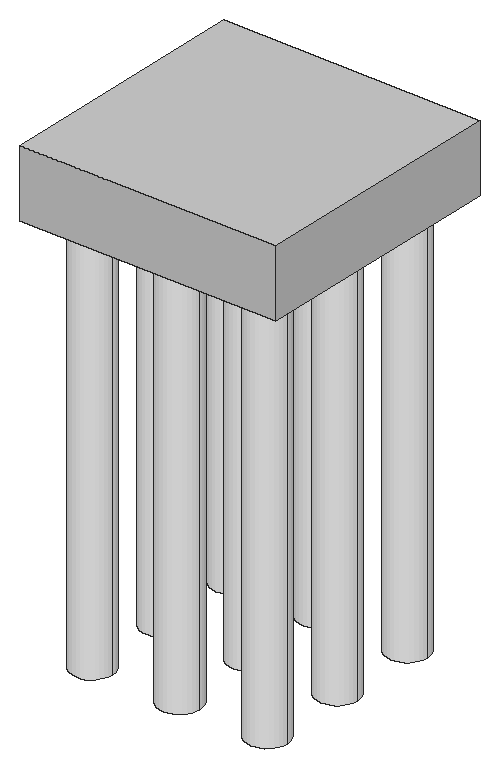
Revit family
Parameters (values of type "3800 x 3800 x 600mm")
  Width = 3800 mm
  Thickness = 1000 mm
  파일 유형 = M_파일-스틸 파이프 : 600mm 지름
  Length = 3800 mm
  기초 재료 [instance] = 콘크리트 - 현장타설 콘크리트
  절단 = 150 mm
  간격 = 600 mm
  Assembly Code = "A1010130"
Reference planes
  plane 1 "중심(앞/뒤)": y = 0
  plane 2: z = 0
  plane 3 "중심(왼쪽/오른쪽)": x = 0
  plane 4: x = -1900
  plane 5: x = 1900
  plane 6: y = 1900
  plane 7: y = -1900
  plane 8: z = -1000
  plane 9: x = -1300
  plane 10: x = 1300
  plane 11: y = 1300
  plane 12: y = -1300
  plane 13: z = -850
Forms (mm)
  Extrusion 1, solid, material "콘크리트 - 현장타설 콘크리트" <- "기초 재료"
    sketch origin (0, 0, 0) x (1, 0, 0) y (0, 1, 0)
      loop
        line (-1900, 1900) -> (-1900, -1900) -> (1900, -1900) -> (1900, 1900) -> (-1900, 1900)
    from -1000 to 0
Dimensions and locks
  "Width": plane 4 to plane 5
  "Length": plane 6 to plane 7
  equal spacing: plane 6, plane 1 "중심(앞/뒤)", plane 7
  equal spacing: plane 4, plane 3 "중심(왼쪽/오른쪽)", plane 5
  "Thickness": plane 2 to plane 8
  "간격": plane 4 to plane 9
  "간격": plane 10 to plane 5
  "간격": plane 6 to plane 11
  "간격": plane 7 to plane 12
  "절단": plane 13 to plane 8
  aligned and locked: plane 4 to Extrusion 1 sketch curve
  aligned and locked: Extrusion 1 sketch curve to plane 5
  aligned and locked: Extrusion 1 sketch curve to plane 6
  aligned and locked: plane 7 to Extrusion 1 sketch curve
  aligned and locked: level to Extrusion 1
  aligned and locked: Extrusion 1 to plane 8
  aligned and locked: nested 4 to plane 9
  aligned and locked: plane 11 to nested 4
  aligned and locked: plane 12 to nested 1
  aligned and locked: nested 1 to plane 9
  aligned and locked: plane 10 to nested 2
  aligned and locked: plane 12 to nested 2
  aligned and locked: plane 11 to nested 3
  aligned and locked: plane 10 to nested 3
  aligned and locked: plane 1 "중심(앞/뒤)" to nested 5
  aligned and locked: nested 5 to plane 9
  aligned and locked: plane 1 "중심(앞/뒤)" to nested 6
  aligned and locked: plane 10 to nested 6
  aligned and locked: plane 11 to nested 7
  aligned and locked: plane 3 "중심(왼쪽/오른쪽)" to nested 7
  aligned and locked: plane 1 "중심(앞/뒤)" to nested 8
  aligned and locked: plane 3 "중심(왼쪽/오른쪽)" to nested 8
  aligned and locked: plane 12 to nested 9
  aligned and locked: nested 9 to plane 3 "중심(왼쪽/오른쪽)"
  aligned and locked: plane 13 to nested 1
  aligned and locked: nested 5 to plane 13
  aligned and locked: plane 13 to nested 4
  aligned and locked: nested 9 to plane 13
  aligned and locked: plane 13 to nested 8
  aligned and locked: nested 7 to plane 13
  aligned and locked: plane 13 to nested 2
  aligned and locked: plane 13 to nested 6
  aligned and locked: nested 3 to plane 13
Nested families
  nested 1: "M_파일-스틸 파이프" at (-1300, -1300, -1002), type <- "파일 유형", type "600mm 지름"
    with 파일 재료 금속 - 스틸 - 345 MPa
  nested 2: "M_파일-스틸 파이프" at (1300, -1300, -1002), type <- "파일 유형", type "600mm 지름"
    with 파일 재료 금속 - 스틸 - 345 MPa
  nested 3: "M_파일-스틸 파이프" at (1300, 1300, -1002), type <- "파일 유형", type "600mm 지름"
    with 파일 재료 금속 - 스틸 - 345 MPa
  nested 4: "M_파일-스틸 파이프" at (-1300, 1300, -1002), type <- "파일 유형", type "600mm 지름"
    with 파일 재료 금속 - 스틸 - 345 MPa
  nested 5: "M_파일-스틸 파이프" at (-1300, 0, -1002), type <- "파일 유형", type "600mm 지름"
    with 파일 재료 금속 - 스틸 - 345 MPa
  nested 6: "M_파일-스틸 파이프" at (1300, 0, -1002), type <- "파일 유형", type "600mm 지름"
    with 파일 재료 금속 - 스틸 - 345 MPa
  nested 7: "M_파일-스틸 파이프" at (0, 1300, -1002), type <- "파일 유형", type "600mm 지름"
    with 파일 재료 금속 - 스틸 - 345 MPa
  nested 8: "M_파일-스틸 파이프" at (0, 0, -1002), type <- "파일 유형", type "600mm 지름"
    with 파일 재료 금속 - 스틸 - 345 MPa
  nested 9: "M_파일-스틸 파이프" at (0, -1300, -1002), type <- "파일 유형", type "600mm 지름"
    with 파일 재료 금속 - 스틸 - 345 MPa
Definition of nested family "M_파일-스틸 파이프"
  Parameters (values of type "600mm 지름")
    반지름 = Diameter / 2  # 300 mm
    최소 내포 = 152 mm
    파일 재료 [instance] = 금속 - 스틸 - 345 MPa
    Diameter = 600 mm
    Depth = 6000 mm
    Assembly Code = "A1020130"
  Reference planes
    plane 1 "중심(앞/뒤)": y = 0
    plane 2: z = 0
    plane 3 "중심(왼쪽/오른쪽)": x = 0
    plane 4: z = -6000
    plane 5: z = 152
  Forms (mm)
    Extrusion 1, solid, material "금속 - 스틸 - 345 MPa" <- "파일 재료"
      sketch origin (0, 0, 0) x (1, 0, 0) y (0, 1, 0)
        loop
          circle (0, 0) r 300
      from -6000 to 152
  Dimensions and locks
    "Depth": plane 2 to plane 4
    "최소 내포": plane 5 to plane 2
    "반지름": radius of Extrusion 1 sketch curve
    aligned and locked: Extrusion 1 to plane 4
    aligned and locked: Extrusion 1 to plane 5
  Automatic sketch dimensions
    Extrusion 1 sketch curve to plane 1 "중심(앞/뒤)" = 0 mm
    Extrusion 1 sketch curve to plane 3 "중심(왼쪽/오른쪽)" = 0 mm
